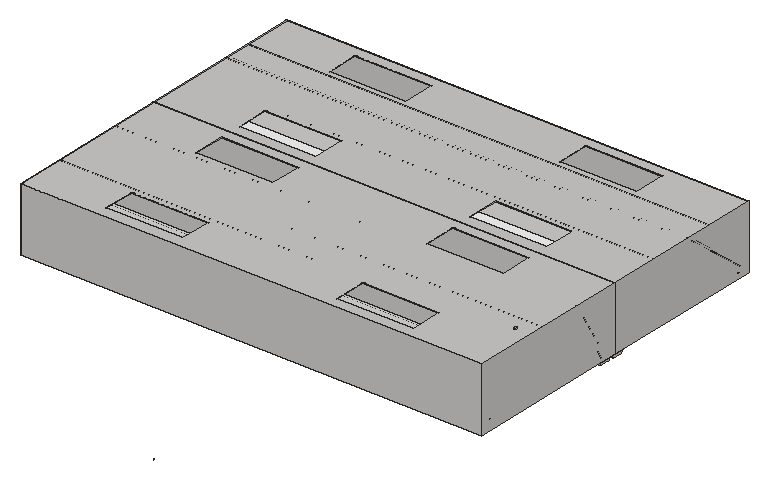
Revit family "QF_ELECTROLUXPROFESSIONAL_640241_STCF2636", category Attrezzature speciali, Revit 2021
Family settings
  Quota connettore circolare = Usa diametro
  Tipo di parte = Normale
  Basato su piano di lavoro = No
  Sempre verticale = Sì
  Taglio con vuoti quando caricato = No
  Condiviso = No
  Punto di calcolo locali = No
Parameters (values of type "Standard")
  Weight = 444.00 kg
  Watts = 640 W
  Volts = 220 V
  URL Manufacturer = "https://www.electroluxprofessional.com/"
  URL = "https://www.electroluxprofessional.com/"
  Steam Supply Size = 0 mm
  Steam Supply Minimum Pressure = 0.0 Pa
  Steam Supply Maximum Pressure = 0.0 Pa
  Steam Consumption per Hour = 0
  Refrigeration Suction Line Size = 0.0 mm
  Refrigeration Liquid Line Size = 0.0 mm
  Refrigerant Compressor Remote = yes
  Prospetto di default = 0.0 mm
  Produttore = "Electrolux Professional"
  Phase = 1
  Modello = "STCF2636"
  Length Actual = 3600.0 mm  # constant formula
  Item Number = "640241"
  Hot Water Size = 0 mm
  Height Actual = 500.0 mm  # constant formula
  HP = "0.9 HP"
  Gas Size = 0 mm
  Gas KW = 0
  Gas Input Pressure = 0 W
  Direct Waste Size = 0 mm
  Descrizione = "304 S/S ISLAND HOOD+FILT.+LAMPS 360X260"
  Depth Actual = 2600.0 mm  # constant formula
  Cycle = 50 Hz
  Condensate Return Size = 0 mm
  Compressed Air Volume = 0.0 L/s
  Compressed Air Size = 0 mm
  Compressed Air Pressure = 0.0 Pa
  Cold Water Size = 0 mm
  Accessory = yes
Reference planes
  plane 1 "Center (Front/Back)": y = 0
  plane 2: z = 0
  plane 3 "Center (Left/Right)": x = 400
  plane 4 "LEFT": x = -1400
  plane 5 "RIGHT": x = 2200
  plane 6 "BACK": y = 1300
  plane 7 "FRONT": y = -1300
  plane 8 "Base": z = 2000
  plane 9 "EIx": x = 2080
  plane 10 "Top": z = 2500
  plane 11 "BaseHood": z = 2000
  plane 12: y = -820
Forms (mm)
  Extrusion 1, solid, material "QF_Finishes_Stainless Steel"
    sketch origin (0, -820, 2500) x (0, 1, 0) y (-1, 0, 0)
      loop
        circle (0, -2080) r 10
    from 0 to 1.6
Dimensions and locks
  equal spacing: plane 6 "BACK", plane 1 "Center (Front/Back)", plane 7 "FRONT"
  plane 6 "BACK" to plane 7 "FRONT" = 2600.0 mm
  locked: plane 9 "EIx" to plane 5 "RIGHT" at 120
  plane 11 "BaseHood" to level = 2000.0 mm
  plane 10 "Top" to plane 11 "BaseHood" = 500.0 mm
  equal spacing: plane 4 "LEFT", plane 3 "Center (Left/Right)", plane 5 "RIGHT"
  plane 4 "LEFT" to plane 5 "RIGHT" = 3600.0 mm
  plane 12 to plane 7 "FRONT" = 480.0 mm
  aligned and locked: level to plane 2
Automatic sketch dimensions
  plane 1 "Center (Front/Back)" to Extrusion 1 sketch curve = 820.0 mm
  Extrusion 1 sketch curve to plane 9 "EIx" = 0.0 mm
  radius of Extrusion 1 sketch curve = 10.0 mm
Nested families
  nested 1: "QF_ELECTROLUXPROFESSIONAL_640232" at (250, -550, 0), type "QF_ELECTROLUXPROFESSIONAL_640232"
  nested 2: "QF_ELECTROLUXPROFESSIONAL_640232" at (250, 550, 0), type "QF_ELECTROLUXPROFESSIONAL_640232"
Connectors
  piping at (2080, 60, 1970), diameter 9.5
    settings: on nested 2, index 9, connector inside diameter 609.6 mm, connector length 0.0 mm, flow factor 0, pipe flow 0.0 L/s, pressure drop 0.0 Pa, fitting loss kfactor 0, connector angle 0.00°, fixture units 0, engagement length 0.0 mm, angle of deflection 0.00°, flow configuration 1, flow direction 2, fitting loss method 0, system type 16, joint type 0, gender type 0, connector reference index -1, connector utility 0, adjustable connector no, is connector primary yes, connector description "Drain"
  piping at (2080, -60, 1970), diameter 9.5
    settings: on nested 1, index 10, connector inside diameter 609.6 mm, connector length 0.0 mm, flow factor 0, pipe flow 0.0 L/s, pressure drop 0.0 Pa, fitting loss kfactor 0, connector angle 0.00°, fixture units 0, engagement length 0.0 mm, angle of deflection 0.00°, flow configuration 1, flow direction 2, fitting loss method 0, system type 16, joint type 0, gender type 0, connector reference index -1, connector utility 0, adjustable connector no, is connector primary no, connector description "Drain"
  electrical at (2080, -820, 2501.6), driven by "Volts"
    settings: on Extrusion 1, index 11, voltage 220 V, apparent load 0 VA, apparent load phase1 0 VA, apparent load phase2 0 VA, apparent load phase3 0 VA, power factor 1, load classification "Other", number of poles 1, system type 30, power factor state 1, is connector primary yes, connector utility no, sub classification motor no, connector description "Electrical Connection"
  hvac at (-500, -1089, 2500)
    settings: on nested 1, index 12, duct flow 0.0 L/s, flow factor 0, pres drop 0.0 Pa, loss coef 0, conn angle 0.00°, conn width 600 mm, conn height 250 mm, conn diameter 609.6 mm, duct sys type 1, conn prof type 1, flow config 1, flow direction 1, loss method 0, conn ref index -1, conn util no, is conn primary yes, conn desc "AIR INLET"
  hvac at (-500, 1089, 2500)
    settings: on nested 2, index 13, duct flow 0.0 L/s, flow factor 0, pres drop 0.0 Pa, loss coef 0, conn angle 0.00°, conn width 250 mm, conn height 600 mm, conn diameter 609.6 mm, duct sys type 1, conn prof type 1, flow config 1, flow direction 1, loss method 0, conn ref index -1, conn util no, is conn primary no, conn desc "AIR INLET"
  hvac at (1300, 1089, 2500)
    settings: on nested 2, index 14, duct flow 0.0 L/s, flow factor 0, pres drop 0.0 Pa, loss coef 0, conn angle 0.00°, conn width 250 mm, conn height 600 mm, conn diameter 609.6 mm, duct sys type 1, conn prof type 1, flow config 1, flow direction 1, loss method 0, conn ref index -1, conn util no, is conn primary no, conn desc "AIR INLET"
  hvac at (1300, -1089, 2500)
    settings: on nested 1, index 15, duct flow 0.0 L/s, flow factor 0, pres drop 0.0 Pa, loss coef 0, conn angle 0.00°, conn width 600 mm, conn height 250 mm, conn diameter 609.6 mm, duct sys type 1, conn prof type 1, flow config 1, flow direction 1, loss method 0, conn ref index -1, conn util no, is conn primary no, conn desc "AIR INLET"
  hvac at (-500, 211, 2500)
    settings: on nested 2, index 16, duct flow 0.0 L/s, flow factor 0, pres drop 0.0 Pa, loss coef 0, conn angle 0.00°, conn width 250 mm, conn height 600 mm, conn diameter 609.6 mm, duct sys type 3, conn prof type 1, flow config 1, flow direction 2, loss method 0, conn ref index -1, conn util no, is conn primary no, conn desc "EXHAUST OUTLET"
  hvac at (-500, -211, 2500)
    settings: on nested 1, index 17, duct flow 0.0 L/s, flow factor 0, pres drop 0.0 Pa, loss coef 0, conn angle 0.00°, conn width 600 mm, conn height 250 mm, conn diameter 609.6 mm, duct sys type 3, conn prof type 1, flow config 1, flow direction 2, loss method 0, conn ref index -1, conn util no, is conn primary no, conn desc "EXHAUST OUTLET"
  hvac at (1300, -211, 2500)
    settings: on nested 1, index 18, duct flow 0.0 L/s, flow factor 0, pres drop 0.0 Pa, loss coef 0, conn angle 0.00°, conn width 600 mm, conn height 250 mm, conn diameter 609.6 mm, duct sys type 3, conn prof type 1, flow config 1, flow direction 2, loss method 0, conn ref index -1, conn util no, is conn primary no, conn desc "EXHAUST OUTLET"
  hvac at (1300, 211, 2500)
    settings: on nested 2, index 19, duct flow 0.0 L/s, flow factor 0, pres drop 0.0 Pa, loss coef 0, conn angle 0.00°, conn width 250 mm, conn height 600 mm, conn diameter 609.6 mm, duct sys type 3, conn prof type 1, flow config 1, flow direction 2, loss method 0, conn ref index -1, conn util no, is conn primary no, conn desc "EXHAUST OUTLET"
Definition of nested family "QF_ELECTROLUXPROFESSIONAL_640232"
  Parameters
    Default Elevation = 0.0 mm
  Reference planes
    plane 1: z = 0
    plane 2 "Center (Left/Right)": x = 150
    plane 3 "LEFT": x = -1650
    plane 4 "RIGHT": x = 1950
    plane 5 "BACK": y = 550
    plane 6 "TOP": z = 2500
    plane 7 "Base": z = 2000
    plane 8: z = 1955
    plane 9 "DrainY": y = 490
    plane 10: x = -1647
    plane 11 "DrainX": x = 1830
    plane 12 "AOLeft2": x = -450
    plane 13 "AORight1": x = 750
    plane 14: x = 1947
    plane 15: x = -1450
    plane 16: x = 1750
    plane 17 "Center (Front/Back)": y = -100
    plane 18 "Front": y = -750
    plane 19 "AOLeft1": x = -1050
    plane 20 "AORight2": x = 1350
    plane 21: y = -664
    plane 22: y = -414
    plane 23 "EI_y": y = -270
    plane 24 "EIx": x = 1830
    plane 25: y = 464
    plane 26: y = 214
  Forms (mm)
    Extrusion 1, solid
      sketch origin (-1650, 0, 360) x (0, 1, 0) y (0, 0, 1)
        loop
          line (550, 1640) -> (550, 2140) -> (-750, 2140) -> (-750, 1640) -> (550, 1640)
      from 0 to 3
    Extrusion 2, solid
      sketch origin (1950, 0, 360) x (0, 1, 0) y (0, 0, 1)
        loop
          line (550, 1640) -> (550, 2140) -> (-750, 2140) -> (-750, 1640) -> (550, 1640)
      from 0 to -3
    Extrusion 3, solid
      sketch origin (150, 0, 360) x (0, 1, 0) y (0, 0, 1)
        loop
          line (-750, 2140) -> (-750, 1640) -> (-740, 1640) -> (-740, 1640.8) -> (-749.2, 1640.8) -> (-749.2, 2139.19) -> (549.2, 2139.19) -> (549.2, 1640.8) -> (540, 1640.8) -> (540, 1640) -> (550, 1640) -> (550, 2140) -> (-750, 2140)
      from -1800 to 1800
    Extrusion 4, solid
      sketch origin (0, 0, 2000) x (0, 1, 0) y (-1, 0, 0)
        loop
          circle (490, -1830) r 4.763
      from -30 to 0
    Extrusion 5, void
      sketch origin (0, 0, 2500) x (0, 1, 0) y (-1, 0, 0)
        loop
          line (-414, 450) -> (-414, 1050) -> (-664, 1050) -> (-664, 450) -> (-414, 450)
      from 0 to -10
    Extrusion 6, solid
      sketch origin (0, 0, 0) x (1, 0, 0) y (0, 1, 0)
        loop
          line (-1650, 550) -> (-1650, 549) -> (-1649, 549) -> (-1649, 550) -> (-1650, 550)
      from 0 to 1
    Extrusion 7, solid
      sketch origin (150, 0, 360) x (0, 1, 0) y (0, 0, 1)
        loop
          line (-372.823, 1962.324) -> (-218.948, 2086.929) -> (-227.129, 2097.032) -> (-381.003, 1972.426) -> (-372.823, 1962.324)
      from 1797 to -1797
    Extrusion 8, solid
      sketch origin (150, 0, 360) x (0, 1, 0) y (0, 0, 1)
        loop
          line (-750, 2139.19) -> (-750, 1640) -> (-686.602, 1640) -> (-599.146, 1690.493) -> (-610.058, 1709.394) -> (-666.564, 1676.77) -> (-714.704, 1680.982) -> (-749.2, 1730.248) -> (-749.2, 2139.19) -> (-750, 2139.19)
        loop
          line (-373.6, 1961.694) -> (-381.937, 1971.99) -> (-369.095, 1982.182) -> (-369.095, 2139.19) -> (-369.895, 2139.19) -> (-369.895, 1982.569) -> (-682.298, 1734.63) -> (-671.091, 1720.79) -> (-373.6, 1961.694)
        loop
          line (-227.61, 2099.216) -> (-218.171, 2087.559) -> (-154.411, 2139.19) -> (-155.682, 2139.19) -> (-218.052, 2088.684) -> (-226.989, 2099.719) -> (-227.61, 2099.216)
      from -1797 to 1797
    Sweep 9, solid
      path origin (0, 0, 0) x (1, 0, 0) y (0, 1, 0)
        loop
          line (1950, 550) -> (-1650, 550) -> (-1650, -750) -> (1950, -750) -> (1950, 550)
      profile origin (1950, -100, 0) x (1, 0, 0) y (0, 0, 1)
        loop
          line (-3, 2000) -> (-3, 2000.8) -> (-19, 2000.8) -> (-19, 2010) -> (-20, 2010) -> (-20, 2000) -> (-3, 2000)
    Extrusion 10, solid
      sketch origin (150, 0, 0) x (0, 1, 0) y (0, 0, 1)
        loop
          line (414.66, 2095.469) -> (440.643, 2110.471) -> (261.744, 2411.771) -> (235.948, 2396.455) -> (414.66, 2095.469)
      from -1797 to -1600
    Extrusion 11, void
      sketch origin (1134.605, 0, 2500) x (0, 1, 0) y (-1, 0, 0)
        loop
          line (-414, -215.395) -> (-414, 384.605) -> (-664, 384.605) -> (-664, -215.395) -> (-414, -215.395)
      from 0 to -10
    Extrusion 12, solid
      sketch origin (1830, 0, 0) x (0, 1, 0) y (0, 0, 1)
        loop
          line (539, 2000) -> (441, 2000) -> (441, 1989) -> (448.5, 1989) -> (448.5, 1965)
          arc (448.5, 1965) -> (451.429, 1957.929) -> (458.5, 1955) r 10
          line (458.5, 1955) -> (521.5, 1955)
          arc (521.5, 1955) -> (528.571, 1957.929) -> (531.5, 1965) r 10
          line (531.5, 1965) -> (531.5, 1989) -> (539, 1989) -> (539, 2000)
      from 90 to -90
    Extrusion 13, solid
      sketch origin (150, 0, 360) x (0, 1, 0) y (0, 0, 1)
        loop
          line (-750, 2139.19) -> (-750, 1640) -> (-686.602, 1640) -> (-599.146, 1690.493) -> (-610.058, 1709.394) -> (-666.564, 1676.77) -> (-714.704, 1680.982) -> (-749.2, 1730.248) -> (-749.2, 2139.19) -> (-750, 2139.19)
        loop
          line (-373.6, 1961.694) -> (-381.937, 1971.99) -> (-369.095, 1982.182) -> (-369.095, 2139.19) -> (-369.895, 2139.19) -> (-369.895, 1982.569) -> (-682.298, 1734.63) -> (-671.091, 1720.79) -> (-373.6, 1961.694)
        loop
          line (-227.61, 2099.216) -> (-218.171, 2087.559) -> (-154.411, 2139.19) -> (-155.682, 2139.19) -> (-218.052, 2088.684) -> (-226.989, 2099.719) -> (-227.61, 2099.216)
      from -1797 to 1797
    Extrusion 14, solid
      sketch origin (150, 0, 0) x (0, 1, 0) y (0, 0, 1)
        loop
          line (414.66, 2095.469) -> (440.643, 2110.471) -> (261.744, 2411.771) -> (235.948, 2396.455) -> (414.66, 2095.469)
      from 1600 to 1797
    Extrusion 15, solid
      sketch origin (150, 0, 0) x (0, 1, 0) y (0, 0, 1)
        loop
          line (414.66, 2095.469) -> (440.643, 2110.471) -> (261.744, 2411.771) -> (235.948, 2396.455) -> (414.66, 2095.469)
      from -1600 to 1600
    Extrusion 16, void
      sketch origin (0, 1180, 2500) x (0, 1, 0) y (-1, 0, 0)
        loop
          line (-716, 450) -> (-716, 1050) -> (-966, 1050) -> (-966, 450) -> (-716, 450)
      from 0 to -10
    Extrusion 17, void
      sketch origin (1600, 1180, 2500) x (0, 1, 0) y (-1, 0, 0)
        loop
          line (-716, 250) -> (-716, 850) -> (-966, 850) -> (-966, 250) -> (-716, 250)
      from 0 to -10
    Extrusion 18, solid
      sketch origin (150, 0, 360) x (0, 1, 0) y (0, 0, 1)
        loop
          line (430.005, 1640) -> (540, 1640) -> (540, 1640.8) -> (430.467, 1640.8) -> (371.906, 1742.23) -> (414.858, 1734.657) -> (442.266, 1750.481) -> (442.266, 1765.943) -> (441.466, 1765.943) -> (441.466, 1750.943) -> (414.709, 1735.495) -> (321.153, 1751.991) -> (320.875, 1750.416) -> (371.4, 1741.507) -> (430.005, 1640)
        loop
          line (172.529, 2139.19) -> (242.893, 2017.316) -> (245.133, 2018.715) -> (240.13, 2027.381) -> (238.569, 2026.405) -> (173.453, 2139.19) -> (172.529, 2139.19)
      from -1797 to 1797
  Cuts and joins
    Extrusion 5, Extrusion 11, Extrusion 16, Extrusion 17 cuts Extrusion 3
    joined: Extrusion 2, Extrusion 3, Sweep 9
  Lines and regions (mm)
    symbolic lines, detail levels coarse
      curve 1: line (1950, 550, 2500) -> (-1650, 550, 2500)
      curve 2: line (-1650, 550, 2500) -> (-1650, -750, 2500)
      curve 3: line (1950, -750, 2500) -> (1950, 550, 2500)
      curve 4: line (-1650, 550, 0) -> (1950, -750, 0)
      curve 5: line (1950, 550, 0) -> (-1650, -750, 0)
      curve 6: line (-1650, -750, 0) -> (1950, -750, 0)
      curve 7: line (-450, -414, 0) -> (-1050, -414, 0)
      curve 8: line (-450, -664, 0) -> (-450, -414, 0)
      curve 9: line (-1050, -664, 0) -> (-450, -664, 0)
      curve 10: line (-1050, -414, 0) -> (-1050, -664, 0)
      curve 11: line (750, -414, 0) -> (750, -664, 0)
      curve 12: line (1350, -414, 0) -> (750, -414, 0)
      curve 13: line (1350, -664, 0) -> (1350, -414, 0)
      curve 14: line (750, -664, 0) -> (1350, -664, 0)
      curve 15: line (-1050, 214, 2500) -> (-450, 214, 2500)
      curve 16: line (-1050, 464, 2500) -> (-1050, 214, 2500)
      curve 17: line (-450, 464, 2500) -> (-1050, 464, 2500)
      curve 18: line (-450, 214, 2500) -> (-450, 464, 2500)
      curve 19: line (750, 464, 2500) -> (750, 214, 2500)
      curve 20: line (1350, 464, 2500) -> (750, 464, 2500)
      curve 21: line (750, 214, 2500) -> (1350, 214, 2500)
      curve 22: line (1350, 214, 2500) -> (1350, 464, 2500)
  Dimensions and locks
    plane 3 "LEFT" to plane 4 "RIGHT" = 3600.0 mm
    equal spacing: plane 3 "LEFT", plane 2 "Center (Left/Right)", plane 4 "RIGHT"
    plane 7 "Base" to plane 8 = 45.0 mm
    plane 5 "BACK" to plane 9 "DrainY" = 60.0 mm  (x2)
    plane 3 "LEFT" to plane 10 = 3.0 mm
    plane 11 "DrainX" to plane 4 "RIGHT" = 120.0 mm
    plane 14 to plane 4 "RIGHT" = 3.0 mm
    plane 3 "LEFT" to plane 15 = 200.0 mm
    plane 16 to plane 4 "RIGHT" = 200.0 mm
    locked: plane 12 "AOLeft2" to plane 13 "AORight1" at 1200
    equal spacing: plane 12 "AOLeft2", plane 2 "Center (Left/Right)", plane 13 "AORight1"
    locked: plane 7 "Base" to level at 2000
    locked: plane 6 "TOP" to plane 7 "Base" at 500
    plane 5 "BACK" to plane 18 "Front" = 1300.0 mm  (x2)
    equal spacing: plane 5 "BACK", plane 17 "Center (Front/Back)", plane 18 "Front"
    locked: plane 19 "AOLeft1" to plane 12 "AOLeft2" at 600
    locked: plane 13 "AORight1" to plane 20 "AORight2" at 600
    locked: plane 22 to plane 21 at 250
    plane 21 to plane 18 "Front" = 86.0 mm
    locked: plane 23 "EI_y" to plane 18 "Front" at 480
    locked: plane 24 "EIx" to plane 4 "RIGHT" at 120
    plane 5 "BACK" to plane 25 = 86.0 mm
    locked: plane 25 to plane 26 at 250
    aligned and locked: level to plane 1
    aligned and locked: plane 4 "RIGHT" to Extrusion 3
    aligned and locked: Extrusion 3 to plane 3 "LEFT"
    aligned and locked: Extrusion 2 to plane 14
    aligned and locked: Extrusion 10 to plane 10
    aligned and locked: Extrusion 8 to plane 10
    aligned and locked: plane 14 to Extrusion 8
    aligned and locked: Extrusion 5 to plane 19 "AOLeft1"
    aligned and locked: Extrusion 5 to plane 12 "AOLeft2"
    aligned and locked: plane 20 "AORight2" to Extrusion 11
    aligned and locked: plane 13 "AORight1" to Extrusion 11
    aligned and locked: plane 15 to Extrusion 10
    aligned and locked: plane 16 to Extrusion 14
    aligned and locked: plane 14 to Extrusion 14
    aligned and locked: Extrusion 15 to plane 15
    aligned and locked: Extrusion 15 to plane 16
    aligned and locked: plane 14 to Extrusion 7
    aligned and locked: Extrusion 7 to plane 10
    aligned and locked: plane 13 "AORight1" to Extrusion 17
    aligned and locked: plane 20 "AORight2" to Extrusion 17
    aligned and locked: Extrusion 16 to plane 19 "AOLeft1"
    aligned and locked: Extrusion 16 to plane 12 "AOLeft2"
    aligned and locked: Extrusion 18 to plane 10
    aligned and locked: plane 14 to Extrusion 18
    aligned and locked: plane 14 to Extrusion 13
    aligned and locked: Extrusion 13 to plane 10
    aligned and locked: plane 22 to cut or joined group of Extrusion 2, Extrusion 3, Extrusion 5, Sweep 9, Extrusion 11, Extrusion 16, Extrusion 17  (x2)
    aligned and locked: plane 22 to curve 7
    aligned and locked: cut or joined group of Extrusion 2, Extrusion 3, Extrusion 5, Sweep 9, Extrusion 11, Extrusion 16, Extrusion 17 to plane 21  (x2)
    aligned and locked: curve 9 to plane 21
    aligned and locked: plane 22 to curve 12
    aligned and locked: curve 14 to plane 21
    aligned and locked: plane 25 to cut or joined group of Extrusion 2, Extrusion 3, Extrusion 5, Sweep 9, Extrusion 11, Extrusion 16, Extrusion 17  (x2)
    aligned and locked: plane 25 to curve 17
    aligned and locked: plane 25 to curve 20
    aligned and locked: cut or joined group of Extrusion 2, Extrusion 3, Extrusion 5, Sweep 9, Extrusion 11, Extrusion 16, Extrusion 17 to plane 26  (x2)
    aligned and locked: curve 15 to plane 26
    aligned and locked: curve 21 to plane 26
  Automatic sketch dimensions
    curve 6 to plane 3 "LEFT" = 0.0 mm
    curve 4 to plane 3 "LEFT" = 0.0 mm
    curve 10 to plane 19 "AOLeft1" = 0.0 mm
    curve 8 to plane 12 "AOLeft2" = 0.0 mm
    curve 14 to plane 13 "AORight1" = 0.0 mm
    curve 14 to plane 20 "AORight2" = 0.0 mm
    curve 5 to plane 4 "RIGHT" = 0.0 mm
    curve 6 to plane 4 "RIGHT" = 0.0 mm
    curve 4 to plane 18 "Front" = 0.0 mm
    curve 4 to plane 5 "BACK" = 0.0 mm
    curve 5 to plane 5 "BACK" = 0.0 mm
    curve 2 to plane 3 "LEFT" = 0.0 mm
    curve 2 to plane 18 "Front" = 0.0 mm
    curve 3 to plane 4 "RIGHT" = 0.0 mm
    curve 3 to plane 18 "Front" = 0.0 mm
    curve 2 to plane 5 "BACK" = 0.0 mm
    Extrusion 1 sketch curve to plane 7 "Base" = 0.0 mm
    Extrusion 1 sketch curve to plane 18 "Front" = 0.0 mm
    Extrusion 1 sketch curve to plane 5 "BACK" = 0.0 mm
    Extrusion 1 sketch curve to plane 6 "TOP" = 0.0 mm
    Extrusion 2 sketch curve to plane 7 "Base" = 0.0 mm
    Extrusion 2 sketch curve to plane 18 "Front" = 0.0 mm
    Extrusion 2 sketch curve to plane 5 "BACK" = 0.0 mm
    Extrusion 2 sketch curve to plane 6 "TOP" = 0.0 mm
    Extrusion 3 sketch curve to plane 6 "TOP" = 0.0 mm
    Extrusion 3 sketch curve to plane 18 "Front" = 0.0 mm
    Extrusion 3 sketch curve to plane 7 "Base" = 0.0 mm  (x2)
    Extrusion 3 sketch curve to plane 5 "BACK" = 0.0 mm
    plane 18 "Front" to Extrusion 3 sketch curve = 0.8 mm
    Extrusion 3 sketch curve to Extrusion 3 sketch curve = 9.2 mm
    plane 7 "Base" to Extrusion 3 sketch curve = 0.8 mm  (x2)
    Extrusion 3 sketch curve to plane 5 "BACK" = 10.0 mm
    Extrusion 3 sketch curve to plane 5 "BACK" = 0.8 mm
    Extrusion 3 sketch curve to plane 6 "TOP" = 0.81 mm
    Extrusion 4 sketch curve to plane 9 "DrainY" = 0.0 mm
    Extrusion 4 sketch curve to plane 11 "DrainX" = 0.0 mm
    Extrusion 5 sketch curve to plane 12 "AOLeft2" = 0.0 mm
    Extrusion 5 sketch curve to plane 19 "AOLeft1" = 0.0 mm
    plane 21 to Extrusion 5 sketch curve = 0.0 mm
    Extrusion 5 sketch curve to plane 23 "EI_y" = 144.0 mm
    Extrusion 6 sketch curve to plane 3 "LEFT" = 0.0 mm
    Extrusion 6 sketch curve to plane 5 "BACK" = 0.0 mm
    plane 3 "LEFT" to Extrusion 6 sketch curve = 1.0 mm
    Extrusion 6 sketch curve to Extrusion 6 sketch curve = 1.0 mm
    plane 22 to Extrusion 7 sketch curve = 32.997 mm
    Extrusion 7 sketch curve to Extrusion 7 sketch curve = 8.181 mm  (x2)
    plane 23 "EI_y" to Extrusion 7 sketch curve = 42.871 mm
    Extrusion 7 sketch curve to plane 6 "TOP" = 177.676 mm
    Extrusion 7 sketch curve to Extrusion 7 sketch curve = 10.102 mm
    Extrusion 7 sketch curve to plane 6 "TOP" = 53.071 mm
    Extrusion 7 sketch curve to Extrusion 7 sketch curve = 10.103 mm
    Extrusion 8 sketch curve to plane 7 "Base" = 0.0 mm
    Extrusion 8 sketch curve to plane 18 "Front" = 0.0 mm
    Extrusion 8 sketch curve to Extrusion 8 sketch curve = 0.8 mm  (x2)
    plane 18 "Front" to Extrusion 8 sketch curve = 35.296 mm
    Extrusion 8 sketch curve to plane 21 = 22.602 mm
    Extrusion 8 sketch curve to plane 21 = 18.298 mm
    Extrusion 8 sketch curve to plane 21 = 7.091 mm
    Extrusion 8 sketch curve to plane 21 = 2.564 mm
    plane 21 to Extrusion 8 sketch curve = 53.942 mm
    Extrusion 8 sketch curve to Extrusion 8 sketch curve = 10.912 mm
    plane 22 to Extrusion 8 sketch curve = 32.063 mm
    Extrusion 8 sketch curve to Extrusion 8 sketch curve = 8.337 mm
    Extrusion 8 sketch curve to Extrusion 8 sketch curve = 12.042 mm
    plane 23 "EI_y" to Extrusion 8 sketch curve = 42.39 mm
    Extrusion 8 sketch curve to Extrusion 8 sketch curve = 0.622 mm
    Extrusion 8 sketch curve to Extrusion 8 sketch curve = 9.44 mm
    Extrusion 8 sketch curve to Extrusion 8 sketch curve = 0.118 mm
    Extrusion 8 sketch curve to plane 6 "TOP" = 0.81 mm  (x3)
    Extrusion 8 sketch curve to plane 17 "Center (Front/Back)" = 55.682 mm
    Extrusion 8 sketch curve to Extrusion 8 sketch curve = 1.271 mm
    plane 7 "Base" to Extrusion 8 sketch curve = 36.77 mm
    plane 7 "Base" to Extrusion 8 sketch curve = 40.982 mm
    plane 7 "Base" to Extrusion 8 sketch curve = 50.493 mm
    Extrusion 8 sketch curve to Extrusion 8 sketch curve = 18.901 mm
    Extrusion 8 sketch curve to Extrusion 8 sketch curve = 44.02 mm
    Extrusion 8 sketch curve to Extrusion 8 sketch curve = 49.266 mm
    Extrusion 8 sketch curve to Extrusion 8 sketch curve = 13.84 mm
    Extrusion 8 sketch curve to plane 6 "TOP" = 178.306 mm
    Extrusion 8 sketch curve to Extrusion 8 sketch curve = 10.296 mm
    Extrusion 8 sketch curve to Extrusion 8 sketch curve = 10.192 mm
    Extrusion 8 sketch curve to Extrusion 8 sketch curve = 0.386 mm
    Extrusion 8 sketch curve to plane 6 "TOP" = 52.441 mm
    Extrusion 8 sketch curve to Extrusion 8 sketch curve = 1.125 mm
    Sweep 9 sketch curve to plane 3 "LEFT" = 0.0 mm
    Sweep 9 sketch curve to plane 4 "RIGHT" = 0.0 mm
    Sweep 9 sketch curve to plane 18 "Front" = 0.0 mm
    Sweep 9 sketch curve to plane 5 "BACK" = 0.0 mm
    profile plane to Sweep 9 sketch curve = 20.0 mm
    Sweep 9 sketch curve to Sweep 9 sketch curve = 1.0 mm
    profile plane to Sweep 9 sketch curve = 3.0 mm
    level to Sweep 9 sketch curve = 2000.0 mm
    Sweep 9 sketch curve to Sweep 9 sketch curve = 0.8 mm
    Sweep 9 sketch curve to Sweep 9 sketch curve = 9.2 mm
    Extrusion 10 sketch curve to plane 9 "DrainY" = 75.34 mm
    Extrusion 10 sketch curve to Extrusion 10 sketch curve = 25.983 mm
    plane 7 "Base" to Extrusion 10 sketch curve = 95.469 mm
    Extrusion 10 sketch curve to Extrusion 10 sketch curve = 15.001 mm
    Extrusion 10 sketch curve to plane 6 "TOP" = 103.545 mm
    Extrusion 10 sketch curve to Extrusion 10 sketch curve = 15.316 mm
    Extrusion 11 sketch curve to plane 20 "AORight2" = 0.0 mm
    Extrusion 11 sketch curve to plane 13 "AORight1" = 0.0 mm
    plane 21 to Extrusion 11 sketch curve = 0.0 mm
    Extrusion 11 sketch curve to plane 23 "EI_y" = 144.0 mm
    Extrusion 13 sketch curve to plane 7 "Base" = 0.0 mm
    Extrusion 13 sketch curve to plane 18 "Front" = 0.0 mm
    Extrusion 13 sketch curve to Extrusion 13 sketch curve = 0.8 mm  (x2)
    plane 18 "Front" to Extrusion 13 sketch curve = 35.296 mm
    Extrusion 13 sketch curve to plane 21 = 22.602 mm
    Extrusion 13 sketch curve to plane 21 = 18.298 mm
    Extrusion 13 sketch curve to plane 21 = 7.091 mm
    Extrusion 13 sketch curve to plane 21 = 2.564 mm
    plane 21 to Extrusion 13 sketch curve = 53.942 mm
    Extrusion 13 sketch curve to Extrusion 13 sketch curve = 10.912 mm
    plane 22 to Extrusion 13 sketch curve = 32.063 mm
    Extrusion 13 sketch curve to Extrusion 13 sketch curve = 8.337 mm
    Extrusion 13 sketch curve to plane 6 "TOP" = 0.81 mm  (x3)
    plane 22 to Extrusion 13 sketch curve = 44.105 mm
    plane 23 "EI_y" to Extrusion 13 sketch curve = 42.39 mm
    Extrusion 13 sketch curve to Extrusion 13 sketch curve = 0.622 mm
    Extrusion 13 sketch curve to Extrusion 13 sketch curve = 9.44 mm
    Extrusion 13 sketch curve to Extrusion 13 sketch curve = 0.118 mm
    Extrusion 13 sketch curve to plane 17 "Center (Front/Back)" = 55.682 mm
    Extrusion 13 sketch curve to Extrusion 13 sketch curve = 1.271 mm
    plane 7 "Base" to Extrusion 13 sketch curve = 36.77 mm
    plane 7 "Base" to Extrusion 13 sketch curve = 40.982 mm
    plane 7 "Base" to Extrusion 13 sketch curve = 50.493 mm
    Extrusion 13 sketch curve to Extrusion 13 sketch curve = 18.901 mm
    Extrusion 13 sketch curve to Extrusion 13 sketch curve = 44.02 mm
    Extrusion 13 sketch curve to Extrusion 13 sketch curve = 49.266 mm
    Extrusion 13 sketch curve to Extrusion 13 sketch curve = 13.84 mm
    Extrusion 13 sketch curve to Extrusion 13 sketch curve = 177.496 mm
    Extrusion 13 sketch curve to Extrusion 13 sketch curve = 10.296 mm
    Extrusion 13 sketch curve to Extrusion 13 sketch curve = 10.192 mm
    Extrusion 13 sketch curve to Extrusion 13 sketch curve = 0.386 mm
    Extrusion 13 sketch curve to plane 6 "TOP" = 52.441 mm
    Extrusion 13 sketch curve to Extrusion 13 sketch curve = 1.125 mm
    Extrusion 14 sketch curve to plane 9 "DrainY" = 75.34 mm
    Extrusion 14 sketch curve to Extrusion 14 sketch curve = 25.983 mm
    plane 7 "Base" to Extrusion 14 sketch curve = 95.469 mm
    Extrusion 14 sketch curve to Extrusion 14 sketch curve = 15.001 mm
    Extrusion 14 sketch curve to plane 6 "TOP" = 103.545 mm
    Extrusion 14 sketch curve to Extrusion 14 sketch curve = 15.316 mm
    Extrusion 15 sketch curve to plane 9 "DrainY" = 75.34 mm
    Extrusion 15 sketch curve to Extrusion 15 sketch curve = 25.983 mm
    plane 7 "Base" to Extrusion 15 sketch curve = 95.469 mm
    Extrusion 15 sketch curve to Extrusion 15 sketch curve = 15.001 mm
    Extrusion 15 sketch curve to plane 6 "TOP" = 103.545 mm
    Extrusion 15 sketch curve to Extrusion 15 sketch curve = 15.316 mm
    Extrusion 16 sketch curve to plane 12 "AOLeft2" = 0.0 mm
    Extrusion 16 sketch curve to plane 9 "DrainY" = 26.0 mm
    Extrusion 16 sketch curve to plane 19 "AOLeft1" = 0.0 mm
    Extrusion 17 sketch curve to plane 20 "AORight2" = 0.0 mm
    Extrusion 17 sketch curve to plane 9 "DrainY" = 26.0 mm
    Extrusion 17 sketch curve to plane 13 "AORight1" = 0.0 mm
    Extrusion 18 sketch curve to plane 7 "Base" = 0.0 mm
    Extrusion 18 sketch curve to plane 9 "DrainY" = 47.734 mm
    Extrusion 18 sketch curve to Extrusion 18 sketch curve = 0.8 mm
    plane 9 "DrainY" to Extrusion 18 sketch curve = 50.0 mm
    plane 7 "Base" to Extrusion 18 sketch curve = 0.8 mm
    Extrusion 18 sketch curve to Extrusion 18 sketch curve = 109.533 mm
    Extrusion 18 sketch curve to Extrusion 18 sketch curve = 0.462 mm  (x2)
    Extrusion 18 sketch curve to Extrusion 18 sketch curve = 26.608 mm
    Extrusion 18 sketch curve to Extrusion 18 sketch curve = 0.148 mm
    Extrusion 18 sketch curve to Extrusion 18 sketch curve = 42.803 mm
    Extrusion 18 sketch curve to Extrusion 18 sketch curve = 0.506 mm
    Extrusion 18 sketch curve to Extrusion 18 sketch curve = 50.247 mm
    Extrusion 18 sketch curve to Extrusion 18 sketch curve = 0.278 mm
    Extrusion 18 sketch curve to Extrusion 18 sketch curve = 2.24 mm
    Extrusion 18 sketch curve to plane 6 "TOP" = 0.81 mm
    Extrusion 18 sketch curve to Extrusion 18 sketch curve = 0.924 mm
    plane 7 "Base" to Extrusion 18 sketch curve = 94.657 mm
    Extrusion 18 sketch curve to Extrusion 18 sketch curve = 0.838 mm
    Extrusion 18 sketch curve to Extrusion 18 sketch curve = 6.012 mm
    Extrusion 18 sketch curve to Extrusion 18 sketch curve = 0.723 mm
    Extrusion 18 sketch curve to Extrusion 18 sketch curve = 14.986 mm
    Extrusion 18 sketch curve to Extrusion 18 sketch curve = 15.0 mm
    Extrusion 18 sketch curve to plane 6 "TOP" = 122.684 mm
    Extrusion 18 sketch curve to Extrusion 18 sketch curve = 1.399 mm
    Extrusion 18 sketch curve to Extrusion 18 sketch curve = 9.089 mm
    Extrusion 18 sketch curve to Extrusion 18 sketch curve = 0.975 mm
    curve 15 to plane 19 "AOLeft1" = 0.0 mm
    curve 15 to plane 12 "AOLeft2" = 0.0 mm
    curve 19 to plane 13 "AORight1" = 0.0 mm
    curve 21 to plane 20 "AORight2" = 0.0 mm
    Extrusion 12 sketch curve to plane 8 = 0.0 mm
    Extrusion 12 sketch curve to plane 7 "Base" = 11.0 mm  (x2)
    Extrusion 12 sketch curve to plane 9 "DrainY" = 49.0 mm
    Extrusion 12 sketch curve to Extrusion 12 sketch curve = 7.5 mm  (x2)
    Extrusion 12 sketch curve to Extrusion 12 sketch curve = 10.0 mm
    Extrusion 12 sketch curve to plane 5 "BACK" = 28.5 mm
    Extrusion 12 sketch curve to plane 5 "BACK" = 18.5 mm
    plane 7 "Base" to Extrusion 12 sketch curve = 0.0 mm
    Extrusion 10 sketch curve to plane 9 "DrainY" = 228.256 mm
    Extrusion 10 sketch curve to Extrusion 10 sketch curve = 25.795 mm
    Extrusion 14 sketch curve to plane 9 "DrainY" = 228.256 mm
    Extrusion 14 sketch curve to Extrusion 14 sketch curve = 25.795 mm
    Extrusion 15 sketch curve to plane 9 "DrainY" = 228.256 mm
    Extrusion 15 sketch curve to Extrusion 15 sketch curve = 25.795 mm
    Extrusion 16 sketch curve to Extrusion 16 sketch curve = 250.0 mm
    Extrusion 17 sketch curve to Extrusion 17 sketch curve = 250.0 mm
    Extrusion 18 sketch curve to plane 9 "DrainY" = 244.867 mm
    Extrusion 18 sketch curve to Extrusion 18 sketch curve = 5.003 mm
    Extrusion 18 sketch curve to Extrusion 18 sketch curve = 1.561 mm
    Extrusion 18 sketch curve to Extrusion 18 sketch curve = 66.677 mm
    radius of Extrusion 4 sketch curve = 4.763 mm
